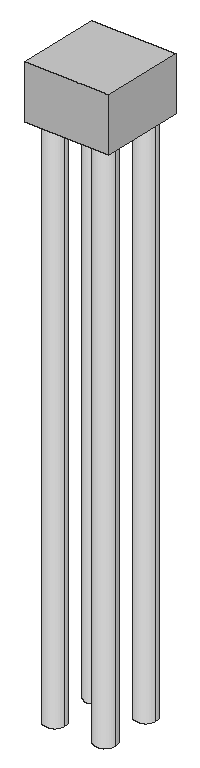
Revit family "Bloco_4 Estacas", category Structural Foundations, Revit 2025
Family settings
  Material for Model Behavior = Concrete
  Cap = No
  OmniClass Number = 23.25.05.11
  OmniClass Title = Foundation Piles
  Work Plane-Based = No
  Always vertical = Yes
  Cut with Voids When Loaded = No
  Shared = No
  Show family pre-cut in plan views = Yes
Parameters (values of type "125x125x80")
  Width = 2.0066 m
  Structural Material = Concrete, Cast-in-Place gray
  Pile Type = Pile-Steel Pipe : D31
  Length = 2.0066 m
  Foundation Thickness = 0.80 m
  Dy = 0.375 m
  Dx = 0.375 m
  Embutimento = 0.05 m
  Dborda = 0.25 m
  Assembly Code = "A1010130"
Types (2, lengths in m): name | Width | Length | Dy | Dx | Dborda
  125x125x80 | 2.0066 | 2.0066 | 0.375 | 0.375 | 0.25
  190x190x80 | 1.90 | 1.90 | 0.60 | 0.60 | 0.35
Reference planes (m)
  plane 1 "Center (Front/Back)": y = 0
  plane 2: z = 0
  plane 3 "Center (Left/Right)": x = 0
  plane 4: z = -0.8
  plane 5: y = 0.625
  plane 6: x = -0.625
  plane 7: x = 0.625
  plane 8: y = -0.375
  plane 9: z = -0.75
  plane 10: x = -0.375
  plane 11: x = 0.375
  plane 12: y = 0.375
  plane 13: y = -0.625
Forms (m)
  Extrusion 1, solid, material "Concrete, Cast-in-Place gray" <- "Structural Material"
    sketch origin (0, 0, 0) x (1, 0, 0) y (0, 1, 0)
      loop
        line (-0.625, 0.625) -> (-0.625, -0.625) -> (0.625, -0.625) -> (0.625, 0.625) -> (-0.625, 0.625)
    from -0.8 to 0
Dimensions and locks (m)
  "Foundation Thickness": plane 2 to plane 4
  equal spacing: plane 6, plane 3 "Center (Left/Right)", plane 7  (x2)
  "Dx": plane 10 to plane 3 "Center (Left/Right)"
  "Embutimento": plane 4 to plane 9
  "Dborda": plane 6 to plane 10
  "Dborda": plane 11 to plane 7
  "Dborda": plane 12 to plane 5
  "Dborda": plane 13 to plane 8
  "Dy": plane 12 to plane 1 "Center (Front/Back)"
  equal spacing: plane 5, plane 1 "Center (Front/Back)", plane 13
  aligned and locked: plane 4 to Extrusion 1
  aligned and locked: level to Extrusion 1
  aligned and locked: plane 12 to nested 1
  aligned and locked: plane 10 to nested 2
  aligned and locked: plane 8 to nested 2
  aligned and locked: plane 11 to nested 3
  aligned and locked: plane 6 to Extrusion 1 sketch curve
  aligned and locked: plane 5 to Extrusion 1 sketch curve
  aligned and locked: plane 13 to Extrusion 1 sketch curve
  aligned and locked: plane 7 to Extrusion 1 sketch curve
  aligned and locked: plane 12 to nested 4
  aligned and locked: plane 10 to nested 1
  aligned and locked: plane 8 to nested 3
  aligned and locked: plane 11 to nested 4
  aligned and locked: plane 9 to nested 1
  aligned and locked: plane 9 to nested 4
  aligned and locked: nested 2 to plane 9
  aligned and locked: nested 3 to plane 9
Nested families (m)
  nested 1: "Estaca" at (-0.375, 0.375, -0.8), type "D31"
    with Structural Material Steel ASTM A572
  nested 2: "Estaca" at (-0.375, -0.375, -0.8), type "D31"
    with Structural Material Steel ASTM A572
  nested 3: "Estaca" at (0.375, -0.375, -0.8), type "D31"
    with Structural Material Steel ASTM A572
  nested 4: "Estaca" at (0.375, 0.375, -0.8), type "D31"
    with Structural Material Steel ASTM A572
Definition of nested family "Estaca"
  Parameters (values of type "D31")
    Structural Material [instance] = none
    Radius = Diameter / 2  # 0.155 m
    Minimum Embedment = 0.05 m
    Diameter = 0.31 m
    Depth = 8.00 m
    Assembly Code = "A1020130"
  Reference planes (m)
    plane 1 "Center (Front/Back)": y = 0
    plane 2: z = 0
    plane 3 "Center (Left/Right)": x = 0
    plane 4: z = -8
    plane 5: z = 0.05
  Forms (m)
    Extrusion 1, solid, material <- "Structural Material"
      sketch origin (0, 0, 0) x (1, 0, 0) y (0, 1, 0)
        loop
          circle (0, 0) r 0.155
      from -8 to 0.05
  Dimensions and locks (m)
    "Depth": plane 2 to plane 4
    "Minimum Embedment": plane 5 to plane 2
    "Radius": radius of Extrusion 1 sketch curve
    aligned and locked: Extrusion 1 to plane 4
    aligned and locked: Extrusion 1 to plane 5
  Automatic sketch dimensions
    Extrusion 1 sketch curve to plane 1 "Center (Front/Back)" = 0.00 m
    Extrusion 1 sketch curve to plane 3 "Center (Left/Right)" = 0.00 m
